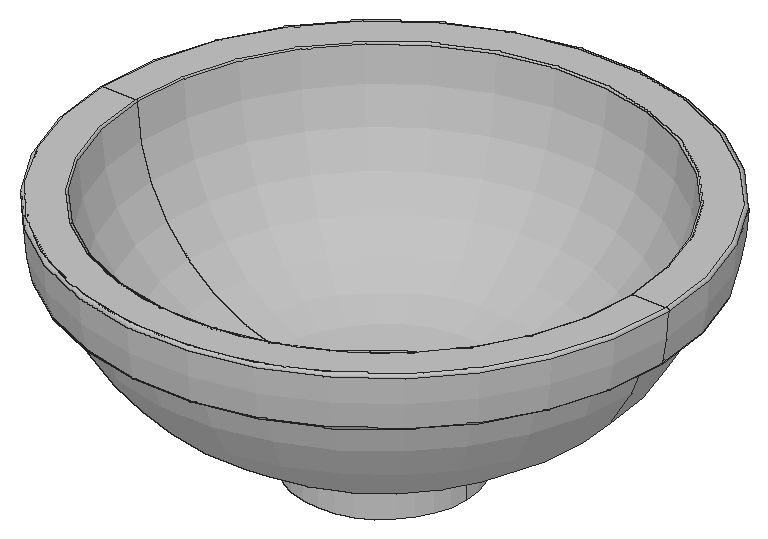
Revit family "Reece_Basin_Omvivo_Villa_Semi Inset Basin_Round_380 mm", category Plumbing Fixtures, host Face, Revit 2018
Family settings
  Host = Face
  Round Connector Dimension = Use Diameter
  Part Type = Normal
  Cut with Voids When Loaded = No
  Shared = Yes
  Room Calculation Point = Yes
Parameters (values of type "Cove Grey")
  WFU = 0  # constant formula
  URL = "https://www.reece.com.au/product/-9510695"
  Type Comments = "Basin"
  Reece_Product_Web Page = "https://www.reece.com.au/product/-9510695"
  Reece_Product_Type = "Basin"  # constant formula
  Reece_Product_Sub Brand = "Villa"  # constant formula
  Reece_Product_Number = "9510695"
  Reece_Product_Mount = "Semi Inset"
  Reece_Product_Description = "Omvivo Villa Round Semi Inset Basin 380 Cove Grey"
  Reece_Product_Brand = "Omvivo"  # constant formula
  Reece_Overall_Width = 380 mm  # constant formula
  Reece_Overall_Height = 162 mm  # constant formula
  Reece_Overall_Depth = 380 mm  # constant formula
  Reece_Overall_Capacity = 7.50 L  # constant formula
  Reece_Material-Main = Reece_Cast_Solid_Surface_Cove Grey
  Reece_Detail_Shape = "Round"  # constant formula
  Reece_Detail_Installation = "Semi Inset Basin"  # constant formula
  Reece_Detail_Disclaimer = "THIS FILE IS THE PROPERTY OF THE REECE GROUP. IT MAY NOT BE REPRODUCED, REVERSE-ENGINEERED OR MODIFIED. ANY REPUBLICATION, TRANSMISSION OR DISTRIBUTION FOR THE PURPOSE OF COMMERCIALLY EXPLOITING THE FILES IS PROHIBITED."  # constant formula
  Reece_Detail_Connector = "No Taphole"  # constant formula
  Reece_Detail_Additional = "No Overflow"  # constant formula
  Reece_Basin_Outlet = 32 mm  # constant formula
  Model = "Villa"
  Manufacturer = "Omvivo"
  Keynote = "Product #9510695, Reece_Basin_Omvivo_Villa_Semi Inset Basin_Round_380 mm - Cove Grey"
  HWFU = 0  # constant formula
  Disclaimer = "THIS FILE IS THE PROPERTY OF THE REECE GROUP. IT MAY NOT BE REPRODUCED, REVERSE-ENGINEERED OR MODIFIED. ANY REPUBLICATION, TRANSMISSION OR DISTRIBUTION FOR THE PURPOSE OF COMMERCIALLY EXPLOITING THE FILES IS PROHIBITED."  # constant formula
  Description = "Omvivo Villa Round Semi Inset Basin 380 Cove Grey"
  Default Elevation = 1000 mm
  CWFU = 0  # constant formula
Types (3, lengths in mm): name | URL | Reece_Product_Web Page | Reece_Product_Number | Reece_Product_Description | Reece_Material-Main | Keynote | Description
  (no name) | "https://www.reece.com.au/product/-9510696" | "https://www.reece.com.au/product/-9510696" | "9510696" | "Omvivo Villa Round Semi Inset Basin 380 White Haven" | Reece_Cast_Solid_Surface_White Haven | "Product #9510696, Reece_Basin_Omvivo_Villa_Semi Inset Basin_Round_380 mm -  " | "Omvivo Villa Round Semi Inset Basin 380 White Haven"
  Cove Grey | "https://www.reece.com.au/product/-9510695" | "https://www.reece.com.au/product/-9510695" | "9510695" | "Omvivo Villa Round Semi Inset Basin 380 Cove Grey" | Reece_Cast_Solid_Surface_Cove Grey | "Product #9510695, Reece_Basin_Omvivo_Villa_Semi Inset Basin_Round_380 mm - Cove Grey" | "Omvivo Villa Round Semi Inset Basin 380 Cove Grey"
  White Haven | "https://www.reece.com.au/product/-9510696" | "https://www.reece.com.au/product/-9510696" | "9510696" | "Omvivo Villa Round Semi Inset Basin 380 White Haven" | Reece_Cast_Solid_Surface_White Haven | "Product #9510696, Reece_Basin_Omvivo_Villa_Semi Inset Basin_Round_380 mm - White Haven" | "Omvivo Villa Round Semi Inset Basin 380 White Haven"
Reference planes
  plane 1 "Center (Front/Back)": y = -79.125
  plane 2 "Bottom": z = 0
  plane 3 "Center (Left/Right)": x = 0
  plane 4: z = 35.003
  plane 5: z = -126.997
  plane 6: z = -94.997
  plane 7: x = 190
  plane 8: x = -190
  plane 9: y = 110.875
  plane 10: y = -269.125
  plane 11: x = -165
  plane 12: x = 165
  plane 13: y = 85.875
  plane 14: y = -244.125
  plane 15: x = -175
  plane 16: x = 175
Forms (mm)
  Revolve 1, solid, material "Reece_Cast_Solid_Surface_Cove Grey" <- "Reece_Material-Main"
    sketch origin (0, -79.125, 0) x (1, 0, 0) y (0, 0, 1)
      loop
        line (-166, 35.003) -> (-188, 35.003)
        arc (-188, 35.003) -> (-189.424, 34.407) -> (-190, 32.974) r 2
        arc (-190, 32.974) -> (-188.82, 16.743) -> (-185.765, 0.759) r 140
        arc (-185.765, 0.759) -> (-185.41, 0.214) -> (-184.796, 0.003) r 1
        line (-184.796, 0.003) -> (-175.001, 0.003)
        arc (-175.001, 0.003) -> (-132.405, -65.683) -> (-59.812, -94.997) r 130
        arc (-59.812, -94.997) -> (-56.457, -96.582) -> (-55.005, -99.997) r 5.217
        line (-55.005, -99.997) -> (-55.005, -126.997) -> (-33.005, -126.997) -> (-33.005, -113.955) -> (-42.962, -103.997) -> (-42.962, -83.997)
        arc (-42.962, -83.997) -> (-43.255, -83.29) -> (-43.962, -82.997) r 1
        line (-43.962, -82.997) -> (-48, -82.997)
        arc (-48, -82.997) -> (-130.731, -48.728) -> (-165, 34.003) r 117
        arc (-165, 34.003) -> (-165.293, 34.71) -> (-166, 35.003) r 1
      axis (0, 35.003) -> (0, -126.997)
    angle from 0 to 360
  Extrusion 2, void
    sketch origin (0, 0, 0) x (1, 0, 0) y (0, 1, 0)
      loop
        circle (0, -79.125) r 22.5
    from -126.511 to 0
  Revolve 3, solid, material "Reece_Cast_Solid_Surface_Cove Grey" <- "Reece_Material-Main"
    sketch origin (0, -79.125, -78.751) x (1, 0, 0) y (0, 0, 1)
      loop
        line (-42, -5.249) -> (-42, -6.249) -> (-22.5, -6.249) -> (-22.5, -48.249) -> (0, -48.249) -> (0, -3.408)
        arc (0, -3.408) -> (-20.525, -3.618) -> (-41.041, -4.25) r 1000
        arc (-41.041, -4.25) -> (-41.721, -4.557) -> (-42, -5.249) r 1
      axis (0, -48.249) -> (0, -3.408)
    angle from 0 to 360
  Extrusion 4, void
    sketch origin (0, 0, 0) x (1, 0, 0) y (0, 1, 0)
      loop
        circle (0, -79.125) r 175
    from -126.997 to 0
Text (mm)
  text "Reece Copyright © 2018, Reece Ltd." at (-902.343, -740.328, 0), in view "Ref. Level"
  text "Reece ©" at (44.384, 258.95, 192.345), in view "Reece Preview"
Dimensions and locks
  equal spacing: plane 8, plane 3 "Center (Left/Right)", plane 7
  "Reece_Overall_Width": plane 8 to plane 7
  "Reece_Overall_Depth": plane 9 to plane 10
  equal spacing: plane 9, plane 1 "Center (Front/Back)", plane 10
  locked: plane 4 to host face at 35.003
  "Reece_Overall_Height": plane 4 to plane 5
  locked: plane 4 to plane 6 at 130
  locked: plane 12 to plane 7 at 25
  locked: plane 8 to plane 11 at 25
  equal spacing: plane 11, plane 3 "Center (Left/Right)", plane 12
  locked: plane 9 to plane 13 at 25
  locked: plane 10 to plane 14 at 25
  equal spacing: plane 14, plane 1 "Center (Front/Back)", plane 13
  locked: plane 15 to plane 16 at 350
  equal spacing: plane 15, plane 3 "Center (Left/Right)", plane 16
  aligned and locked: host face to plane 2 "Bottom"
  aligned and locked: level to host face
Automatic sketch dimensions
  host sketch curve to host sketch curve = 800 mm
  host sketch curve to host sketch curve = 600 mm
  plane 1 "Center (Front/Back)" to Extrusion 2 sketch curve = 0 mm
  Extrusion 2 sketch curve to plane 3 "Center (Left/Right)" = 0 mm
  plane 11 to Revolve 1 sketch curve = 0 mm  (x2)
  Revolve 1 sketch curve to plane 6 = 0 mm  (x2)
  Revolve 1 sketch curve to plane 5 = 0 mm
  Revolve 1 sketch curve to plane 3 "Center (Left/Right)" = 0 mm
  Revolve 1 sketch curve to level = 0 mm
  Revolve 1 sketch curve to plane 4 = 0 mm
  plane 11 to Revolve 1 sketch curve = 1 mm
  plane 15 to Revolve 1 sketch curve = 0.001 mm
  level to Revolve 1 sketch curve = 0.003 mm
  Revolve 1 sketch curve to plane 8 = 5.204 mm
  Revolve 1 sketch curve to plane 8 = 2 mm
  Revolve 1 sketch curve to plane 6 = 5.201 mm
  Revolve 1 sketch curve to plane 3 "Center (Left/Right)" = 60.218 mm
  Revolve 1 sketch curve to Revolve 1 sketch curve = 5.213 mm
  Revolve 1 sketch curve to plane 4 = 0.017 mm
  Revolve 1 sketch curve to plane 3 "Center (Left/Right)" = 50.014 mm
  Revolve 1 sketch curve to plane 4 = 0.395 mm
  Revolve 1 sketch curve to plane 4 = 1 mm
  Revolve 1 sketch curve to Revolve 1 sketch curve = 1.691 mm
  Revolve 1 sketch curve to Revolve 1 sketch curve = 4.037 mm
  Revolve 1 sketch curve to Revolve 1 sketch curve = 1 mm  (x2)
  Revolve 1 sketch curve to Revolve 1 sketch curve = 22 mm
  Revolve 1 sketch curve to plane 4 = 2 mm
  Revolve 1 sketch curve to Revolve 1 sketch curve = 0 mm
  Revolve 1 sketch curve to plane 6 = 9 mm
  plane 5 to Revolve 1 sketch curve = 13.042 mm
  plane 3 "Center (Left/Right)" to Revolve 3 sketch curve = 0 mm  (x2)
  plane 6 to Revolve 3 sketch curve = 9.997 mm
  Revolve 3 sketch curve to Revolve 3 sketch curve = 18.5 mm
  Revolve 3 sketch curve to Revolve 3 sketch curve = 1 mm
  Revolve 3 sketch curve to plane 5 = 0.003 mm
  Revolve 3 sketch curve to Revolve 3 sketch curve = 0.999 mm
  plane 6 to Revolve 3 sketch curve = 12.838 mm
  Revolve 3 sketch curve to Revolve 3 sketch curve = 0.041 mm
  Revolve 3 sketch curve to Revolve 3 sketch curve = 0 mm
  Revolve 3 sketch curve to plane 6 = 6.976 mm
  Revolve 3 sketch curve to Revolve 3 sketch curve = 2.135 mm
  plane 1 "Center (Front/Back)" to Extrusion 4 sketch curve = 0 mm
  Extrusion 4 sketch curve to plane 3 "Center (Left/Right)" = 0 mm
  radius of Extrusion 2 sketch curve = 22.5 mm
  radius of Extrusion 4 sketch curve = 175 mm
Connectors
  piping at (0, -79.125, -127), diameter 32, driven by "Reece_Basin_Outlet"
    settings: on Revolve 3, index 1, connector inside diameter 609.6 mm, connector length 0 mm, flow factor 0, pipe flow 0.0 L/s, pressure drop 0.0 Pa, fitting loss kfactor 0, connector angle 0.00°, fixture units 0, engagement length 0 mm, angle of deflection 0.00°, flow configuration 0, flow direction 2, fitting loss method 0, system type 16, joint type 0, gender type 0, connector reference index -1, connector utility 0, adjustable connector no, is connector primary yes, connector description ""
